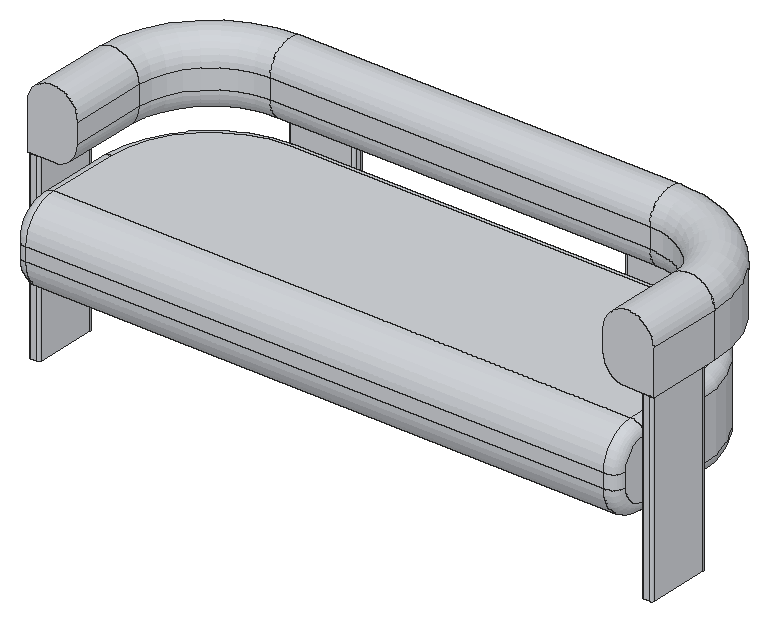
Revit family "Gohome_ClubLounge_2.5Seat_R19", category Furniture, Revit 2019
Family settings
  OmniClass Number = 23.40.20.00
  OmniClass Title = General Furniture and Specialties
  Work Plane-Based = No
  Always vertical = Yes
  Cut with Voids When Loaded = No
  Shared = No
  Room Calculation Point = No
Parameters (values of type "Club 2.5 Seat Lounge")
  With Screen = no
  Width = 1800 mm  # constant formula
  URL = "www.gohome.com.au"
  Timber Leg Material = none
  Upholstery Material = none
  Seat Height = 450 mm  # constant formula
  Model = "Club 2.5 Seat Lounge"
  Manufacturer = "gohome"  # constant formula
  Height = if(With Screen, 1300 mm, 730 mm)  # 730 mm
  Designer = "Ben McCarthy"  # constant formula
  Depth = 630 mm  # constant formula
  Contact = "phone: +61 2 9565 5510 / email: sales@gohome.com.au"  # constant formula
Types (3, lengths in mm): name | With Screen | Model | Height
  (no name) | no | "Club 2.5 Seat Lounge" | 730
  Club 2.5 Seat Lounge | no | "Club 2.5 Seat Lounge" | 730
  Club 2.5 Seat w/Screen Lounge | yes | "Club 2.5 Seat w/Screen Lounge" | 1300
Reference planes
  plane 1 "Center (Front/Back)": y = 0
  plane 2: z = 0
  plane 3 "Center (Left/Right)": x = 0
  plane 4: y = 313
  plane 5: y = -317
  plane 6: x = 900
  plane 7: x = -900
Forms (mm)
  Extrusion 1, solid, material <- "Timber Leg Material"
    sketch origin (0, 0, 0) x (1, 0, 0) y (0, 1, 0)
      loop
        arc (-892.5, -35) -> (-897.803, -37.197) -> (-900, -42.5) r 7.5
        line (-900, -42.5) -> (-900, -217.5)
        arc (-900, -217.5) -> (-897.803, -222.803) -> (-892.5, -225) r 7.5
        line (-892.5, -225) -> (-875.5, -225)
        arc (-875.5, -225) -> (-870.197, -222.803) -> (-868, -217.5) r 7.5
        line (-868, -217.5) -> (-868, -42.5)
        arc (-868, -42.5) -> (-870.197, -37.197) -> (-875.5, -35) r 7.5
        line (-875.5, -35) -> (-892.5, -35)
      loop
        arc (875.5, -35) -> (870.197, -37.197) -> (868, -42.5) r 7.5
        line (868, -42.5) -> (868, -217.5)
        arc (868, -217.5) -> (870.197, -222.803) -> (875.5, -225) r 7.5
        line (875.5, -225) -> (892.5, -225)
        arc (892.5, -225) -> (897.803, -222.803) -> (900, -217.5) r 7.5
        line (900, -217.5) -> (900, -42.5)
        arc (900, -42.5) -> (897.803, -37.197) -> (892.5, -35) r 7.5
        line (892.5, -35) -> (875.5, -35)
      loop
        arc (-572.5, 345) -> (-577.803, 342.803) -> (-580, 337.5) r 7.5
        line (-580, 337.5) -> (-580, 320.5)
        arc (-580, 320.5) -> (-577.803, 315.197) -> (-572.5, 313) r 7.5
        line (-572.5, 313) -> (-397.5, 313)
        arc (-397.5, 313) -> (-392.197, 315.197) -> (-390, 320.5) r 7.5
        line (-390, 320.5) -> (-390, 337.5)
        arc (-390, 337.5) -> (-392.197, 342.803) -> (-397.5, 345) r 7.5
        line (-397.5, 345) -> (-572.5, 345)
      loop
        line (572.5, 345) -> (397.5, 345)
        arc (397.5, 345) -> (392.197, 342.803) -> (390, 337.5) r 7.5
        line (390, 337.5) -> (390, 320.5)
        arc (390, 320.5) -> (392.197, 315.197) -> (397.5, 313) r 7.5
        line (397.5, 313) -> (572.5, 313)
        arc (572.5, 313) -> (577.803, 315.197) -> (580, 320.5) r 7.5
        line (580, 320.5) -> (580, 337.5)
        arc (580, 337.5) -> (577.803, 342.803) -> (572.5, 345) r 7.5
    from 0 to 530
  Extrusion 2, solid, material <- "Upholstery Material"
    sketch origin (0, 0, 0) x (0, 1, 0) y (0, 0, 1)
      loop
        arc (-217, 415) -> (-262.962, 395.962) -> (-282, 350) r 65
        line (-282, 350) -> (-282, 310)
        arc (-282, 310) -> (-262.962, 264.038) -> (-217, 245) r 65
        line (-217, 245) -> (-217, 415)
    from -868 to 868
  Extrusion 3, solid, material <- "Upholstery Material"
    sketch origin (0, 0, 0) x (1, 0, 0) y (0, 1, 0)
      loop
        line (-833, -217) -> (833, -217) -> (833, -7)
        arc (833, -7) -> (749.525, 194.525) -> (548, 278) r 285
        line (548, 278) -> (-548, 278)
        arc (-548, 278) -> (-749.525, 194.525) -> (-833, -7) r 285
        line (-833, -7) -> (-833, -217)
    from 210 to 450
  Sweep 4, solid, material <- "Upholstery Material"
    path origin (0, 0, 0) x (1, 0, 0) y (0, 1, 0)
      loop
        line (833, -217) -> (833, -7)
        arc (833, -7) -> (749.525, 194.525) -> (548, 278) r 285
        line (548, 278) -> (-548, 278)
        arc (-548, 278) -> (-749.525, 194.525) -> (-833, -7) r 285
        line (-833, -7) -> (-833, -217)
    profile origin (833, -112, 0) x (1, 0, 0) y (0, 0, 1)
      loop
        line (0, 450) -> (0, 210)
        arc (0, 210) -> (24.749, 220.251) -> (35, 245) r 35
        line (35, 245) -> (35, 415)
        arc (35, 415) -> (24.749, 439.749) -> (0, 450) r 35
  Sweep 5, solid, material <- "Upholstery Material"
    path origin (0, 0, 0) x (0, 1, 0) y (0, 0, 1)
      loop
        arc (-217, 415) -> (-262.962, 395.962) -> (-282, 350) r 65
        line (-282, 350) -> (-282, 310)
        arc (-282, 310) -> (-262.962, 264.038) -> (-217, 245) r 65
    profile origin (0, -217, 415) x (0, 0, -1) y (1, 0, 0)
      loop
        line (0, -868) -> (0, 868)
        arc (0, 868) -> (-24.749, 857.749) -> (-35, 833) r 35
        line (-35, 833) -> (-35, -833)
        arc (-35, -833) -> (-24.749, -857.749) -> (0, -868) r 35
  Sweep 6, solid, material <- "Upholstery Material"
    path origin (0, 0, 0) x (1, 0, 0) y (0, 1, 0)
      loop
        line (-758, -225) -> (-758, -5)
        arc (-758, -5) -> (-696.492, 143.492) -> (-548, 205) r 210
        line (-548, 205) -> (548, 205)
        arc (548, 205) -> (696.492, 143.492) -> (758, -5) r 210
        line (758, -5) -> (758, -225)
    profile origin (758, -115, 0) x (1, 0, 0) y (0, 0, 1)
      loop
        line (70, 530) -> (145, 530) -> (145, 657.484)
        arc (145, 657.484) -> (72.5, 729.984) -> (0, 657.484) r 72.5
        line (0, 657.484) -> (0, 600)
        arc (0, 600) -> (20.503, 550.503) -> (70, 530) r 70
  Sweep 7, solid, material <- "Upholstery Material", visible <- "With Screen"
    path origin (0, 0, 0) x (1, 0, 0) y (0, 1, 0)
      loop
        line (904, -135) -> (904, -5)
        arc (904, -5) -> (799.73, 246.73) -> (548, 351) r 356
        line (548, 351) -> (-548, 351)
        arc (-548, 351) -> (-799.73, 246.73) -> (-904, -5) r 356
        line (-904, -5) -> (-904, -135)
    profile origin (904, -70, 0) x (-1, 0, 0) y (0, 0, 1)
      loop
        line (0, 350) -> (0, 1300) -> (-30, 1300) -> (-30, 350) -> (0, 350)
  Extrusion 8, solid, material <- "Upholstery Material", visible <- "With Screen"
    sketch origin (0, 0, 0) x (0, 1, 0) y (0, 0, 1)
      loop
        line (-225, 1210) -> (-225, 440)
        arc (-225, 440) -> (-198.64, 376.36) -> (-135, 350) r 90
        line (-135, 350) -> (-135, 1300)
        arc (-135, 1300) -> (-198.64, 1273.64) -> (-225, 1210) r 90
    from -934 to -904
  Extrusion 9, solid, material <- "Upholstery Material", visible <- "With Screen"
    sketch origin (0, 0, 0) x (0, 1, 0) y (0, 0, 1)
      loop
        line (-225, 1210) -> (-225, 440)
        arc (-225, 440) -> (-198.64, 376.36) -> (-135, 350) r 90
        line (-135, 350) -> (-135, 1300)
        arc (-135, 1300) -> (-198.64, 1273.64) -> (-225, 1210) r 90
    from 904 to 934
Cuts and joins
  joined: Extrusion 2, Extrusion 3, Sweep 4, Sweep 5
  joined: Sweep 7, Extrusion 8, Extrusion 9
Dimensions and locks
  aligned and locked: level to plane 2
Automatic sketch dimensions
  plane 1 "Center (Front/Back)" to Extrusion 2 sketch curve = 282 mm
  Extrusion 2 sketch curve to Extrusion 2 sketch curve = 65 mm
  level to Extrusion 2 sketch curve = 245 mm
  Extrusion 2 sketch curve to Extrusion 2 sketch curve = 40 mm
  Extrusion 3 sketch curve to plane 3 "Center (Left/Right)" = 833 mm
  Extrusion 3 sketch curve to plane 3 "Center (Left/Right)" = 548 mm
  plane 3 "Center (Left/Right)" to Extrusion 3 sketch curve = 548 mm
  Extrusion 3 sketch curve to Extrusion 3 sketch curve = 285 mm
  plane 1 "Center (Front/Back)" to Extrusion 3 sketch curve = 217 mm
  Extrusion 3 sketch curve to Extrusion 3 sketch curve = 210 mm
  plane 1 "Center (Front/Back)" to Sweep 4 sketch curve = 7 mm  (x3)
  Sweep 4 sketch curve to plane 3 "Center (Left/Right)" = 548 mm
  plane 3 "Center (Left/Right)" to Sweep 4 sketch curve = 548 mm
  profile plane to Sweep 4 sketch curve = 0 mm
  level to Sweep 4 sketch curve = 415 mm
  Sweep 4 sketch curve to Sweep 4 sketch curve = 35 mm
  Sweep 4 sketch curve to Sweep 4 sketch curve = 205 mm
  Sweep 5 sketch curve to Sweep 5 sketch curve = 65 mm
  level to Sweep 5 sketch curve = 350 mm
  Sweep 5 sketch curve to Sweep 5 sketch curve = 40 mm
  Sweep 5 sketch curve to Sweep 5 sketch curve = 0 mm
  Sweep 5 sketch curve to profile plane = 0 mm
  profile plane to Sweep 5 sketch curve = 35 mm
  Sweep 5 sketch curve to plane 3 "Center (Left/Right)" = 868 mm
  plane 3 "Center (Left/Right)" to Sweep 5 sketch curve = 833 mm
  plane 1 "Center (Front/Back)" to Sweep 6 sketch curve = 5 mm  (x2)
  Sweep 6 sketch curve to plane 3 "Center (Left/Right)" = 548 mm
  plane 3 "Center (Left/Right)" to Sweep 6 sketch curve = 548 mm
  profile plane to Sweep 6 sketch curve = 0 mm
  Sweep 6 sketch curve to profile plane = 70 mm
  level to Sweep 6 sketch curve = 530 mm
  Sweep 6 sketch curve to Sweep 6 sketch curve = 57.484 mm
  Sweep 6 sketch curve to Sweep 6 sketch curve = 2.5 mm
  plane 1 "Center (Front/Back)" to Sweep 7 sketch curve = 5 mm  (x2)
  Sweep 7 sketch curve to plane 3 "Center (Left/Right)" = 548 mm
  plane 3 "Center (Left/Right)" to Sweep 7 sketch curve = 548 mm
  level to Sweep 7 sketch curve = 350 mm
  Sweep 7 sketch curve to Sweep 7 sketch curve = 30 mm
  Sweep 7 sketch curve to Sweep 7 sketch curve = 950 mm
  Sweep 7 sketch curve to profile plane = 0 mm
  plane 5 to Sweep 4 sketch curve = 100 mm  (x2)
  plane 5 to Sweep 5 sketch curve = 35 mm
  plane 5 to Sweep 6 sketch curve = 92 mm  (x2)
  plane 5 to Sweep 7 sketch curve = 182 mm  (x2)
  plane 5 to Extrusion 8 sketch curve = 92 mm
  Extrusion 8 sketch curve to Extrusion 8 sketch curve = 90 mm
  level to Extrusion 8 sketch curve = 440 mm
  Extrusion 8 sketch curve to Extrusion 8 sketch curve = 770 mm
  plane 5 to Extrusion 9 sketch curve = 92 mm
  Extrusion 9 sketch curve to Extrusion 9 sketch curve = 90 mm
  level to Extrusion 9 sketch curve = 350 mm
  Extrusion 9 sketch curve to Extrusion 9 sketch curve = 770 mm
  Sweep 4 sketch curve to Sweep 4 sketch curve = 285 mm
  plane 7 to Sweep 6 sketch curve = 142 mm
  Sweep 7 sketch curve to plane 7 = 4 mm
  Extrusion 1 sketch curve to plane 7 = 0 mm
  Extrusion 1 sketch curve to plane 4 = 0 mm  (x2)
  Extrusion 1 sketch curve to plane 6 = 0 mm
  plane 7 to Extrusion 1 sketch curve = 7.5 mm  (x2)
  Extrusion 1 sketch curve to Extrusion 1 sketch curve = 17 mm  (x4)
  Extrusion 1 sketch curve to Extrusion 1 sketch curve = 7.5 mm  (x7)
  plane 4 to Extrusion 1 sketch curve = 7.5 mm  (x3)
  plane 7 to Extrusion 1 sketch curve = 320 mm
  Extrusion 1 sketch curve to Extrusion 1 sketch curve = 175 mm  (x2)
  plane 3 "Center (Left/Right)" to Extrusion 1 sketch curve = 390 mm
  Extrusion 1 sketch curve to Extrusion 1 sketch curve = 0 mm
  Extrusion 1 sketch curve to plane 6 = 32 mm
  Extrusion 1 sketch curve to plane 6 = 7.5 mm  (x2)
  plane 1 "Center (Front/Back)" to Extrusion 1 sketch curve = 35 mm  (x2)
  plane 5 to Extrusion 1 sketch curve = 99.5 mm  (x2)
